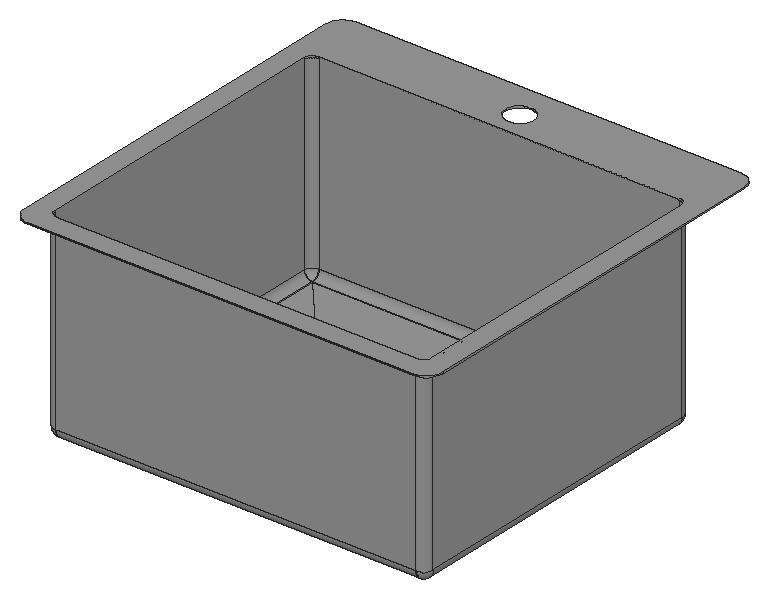
Revit family "BUILDMAT-SNGMTL003-Leo-510-Tap-Landing-Gunmetal", category Plumbing Fixtures, host Face, Revit 2026
Family settings
  Host = Face
  Round Connector Dimension = Use Diameter
  Part Type = Normal
  Enable Cutting in Views = No
  Cut with Voids When Loaded = No
  Maintain Annotation Orientation = No
  Shared = No
  Room Calculation Point = No
Parameters (values of type "Leo 510x500x250mm Brushed Gunmetal")
  Width = 460.0 mm
  Undermount [instance] = 0.0 mm
  URL = "https://www.buildmat.com.au/products/leo-510-single-bowl-tap-landing-sink"
  Model = "TLAN003"  # constant formula
  Manufacturer URL = "https://www.buildmat.com.au/"
  Manufacturer = "BUILDMAT"  # constant formula
  Length = 400.0 mm
  Description = "BUILDMAT - Leo 510x500 Single Bowl with Tap Landing Sink"  # constant formula
  Depth = 250.0 mm
  Default Elevation = 1219.2 mm
  Created By URL = "https://www.buildmat.com.au/"
  Created By = "BUILDMAT"  # constant formula
  Created = "22.06.2022"  # constant formula
  Material = BUILDMAT Gunmetal
Reference planes
  plane 1 "Center (Front/Back)": y = 0
  plane 2: z = 0
  plane 3 "Center (Left/Right)": x = 0
  plane 4 "Top Substrate": z = 0
  plane 5 "Left": x = -230
  plane 6 "Right": x = 230
  plane 7 "Back": y = 200
  plane 8 "Front": y = -200
  plane 9: x = -255
  plane 10: x = 255
  plane 11: y = -225
  plane 12: y = 275
  plane 13 "Bottom Void": z = -250
  plane 14: z = 1.5
  plane 15: x = -231.5
  plane 16: y = -201.5
  plane 17: x = 231.5
  plane 18: y = 201.5
  plane 19: z = -240
  plane 20: z = -230
  plane 21: x = -220
  plane 22: x = 220
  plane 23: y = -190
  plane 24: y = 190
  plane 25: z = -245
  plane 26: z = -241.5
  plane 27: z = -246.5
  plane 28: x = -100
  plane 29: x = 100
  plane 30 "Sound Pad": z = -130
  plane 31 "Front Bracket": y = -100
  plane 32 "Back Bracket": y = 100
  plane 33: x = -130
  plane 34: x = 130
  plane 35: x = -57
  plane 36: x = 57
  plane 37: x = -45
  plane 38: x = 45
  plane 39: y = 232
  plane 40: y = 251.5
  plane 41: x = -243.2
  plane 42: z = -15
  plane 43: x = 243.2
  plane 44: x = -241.7
  plane 45: x = 241.7
Forms (mm)
  Extrusion 1, void
    sketch origin (0, 0, 0) x (1, 0, 0) y (0, 1, 0)
      loop
        arc (-220, 200) -> (-227.071, 197.071) -> (-230, 190) r 10
        line (-230, 190) -> (-230, -190)
        arc (-230, -190) -> (-227.071, -197.071) -> (-220, -200) r 10
        line (-220, -200) -> (220, -200)
        arc (220, -200) -> (227.071, -197.071) -> (230, -190) r 10
        line (230, -190) -> (230, 190)
        arc (230, 190) -> (227.071, 197.071) -> (220, 200) r 10
        line (220, 200) -> (-220, 200)
    from 0 to 1.5
  Extrusion 2, void
    sketch origin (0, 0, 0) x (1, 0, 0) y (0, 1, 0)
      loop
        line (-231.5, 201.5) -> (-231.5, -201.5) -> (231.5, -201.5) -> (231.5, 201.5) -> (-231.5, 201.5)
    from 0 to -250
  Extrusion 3, void
    sketch origin (0, 0, 0) x (1, 0, 0) y (0, 1, 0)
      loop
        arc (-235, 275) -> (-249.142, 269.142) -> (-255, 255) r 20
        line (-255, 255) -> (-255, -205)
        arc (-255, -205) -> (-249.142, -219.142) -> (-235, -225) r 20
        line (-235, -225) -> (235, -225)
        arc (235, -225) -> (249.142, -219.142) -> (255, -205) r 20
        line (255, -205) -> (255, 255)
        arc (255, 255) -> (249.142, 269.142) -> (235, 275) r 20
        line (235, 275) -> (-235, 275)
    from 1.5 to 0
  Extrusion 4, solid, material "BUILDMAT Gunmetal" <- "Material"
    sketch origin (0, 0, 0) x (-1, 0, 0) y (0, -1, 0)
      loop
        arc (235, -275) -> (249.142, -269.142) -> (255, -255) r 20
        line (255, -255) -> (255, 205)
        arc (255, 205) -> (249.142, 219.142) -> (235, 225) r 20
        line (235, 225) -> (-235, 225)
        arc (-235, 225) -> (-249.142, 219.142) -> (-255, 205) r 20
        line (-255, 205) -> (-255, -255)
        arc (-255, -255) -> (-249.142, -269.142) -> (-235, -275) r 20
        line (-235, -275) -> (235, -275)
      loop
        arc (220, -200) -> (227.071, -197.071) -> (230, -190) r 10
        line (230, -190) -> (230, 190)
        arc (230, 190) -> (227.071, 197.071) -> (220, 200) r 10
        line (220, 200) -> (-220, 200)
        arc (-220, 200) -> (-227.071, 197.071) -> (-230, 190) r 10
        line (-230, 190) -> (-230, -190)
        arc (-230, -190) -> (-227.071, -197.071) -> (-220, -200) r 10
        line (-220, -200) -> (220, -200)
    from 0 to 1.5
  Extrusion 5, solid, material "BUILDMAT Gunmetal" <- "Material"
    sketch origin (0, 0, 0) x (-1, 0, 0) y (0, -1, 0)
      loop
        arc (220, -201.5) -> (228.132, -198.132) -> (231.5, -190) r 11.5
        line (231.5, -190) -> (231.5, 190)
        arc (231.5, 190) -> (228.132, 198.132) -> (220, 201.5) r 11.5
        line (220, 201.5) -> (-220, 201.5)
        arc (-220, 201.5) -> (-228.132, 198.132) -> (-231.5, 190) r 11.5
        line (-231.5, 190) -> (-231.5, -190)
        arc (-231.5, -190) -> (-228.132, -198.132) -> (-220, -201.5) r 11.5
        line (-220, -201.5) -> (220, -201.5)
      loop
        arc (-220, 200) -> (-227.071, 197.071) -> (-230, 190) r 10
        line (-230, 190) -> (-230, -190)
        arc (-230, -190) -> (-227.071, -197.071) -> (-220, -200) r 10
        line (-220, -200) -> (220, -200)
        arc (220, -200) -> (227.071, -197.071) -> (230, -190) r 10
        line (230, -190) -> (230, 190)
        arc (230, 190) -> (227.071, 197.071) -> (220, 200) r 10
        line (220, 200) -> (-220, 200)
    from 0 to -230
  Revolve 6, solid, material "BUILDMAT Gunmetal" <- "Material"
    sketch origin (-175.162, 190, 1219.2) x (-1, 0, 0) y (0, 0, 1)
      loop
        line (-405.162, -1449.2) -> (-406.662, -1449.2)
        arc (-406.662, -1449.2) -> (-403.293, -1457.332) -> (-395.162, -1460.7) r 11.5
        line (-395.162, -1460.7) -> (-395.162, -1459.2)
        arc (-395.162, -1459.2) -> (-402.233, -1456.271) -> (-405.162, -1449.2) r 10
      axis (-395.162, -1460.7) -> (-395.162, -1449.2)
    angle from 0 to -90
  Revolve 7, solid, material "BUILDMAT Gunmetal" <- "Material"
    sketch origin (-175.162, 190, 1219.2) x (-1, 0, 0) y (0, 0, 1)
      loop
        arc (54.838, -1449.2) -> (51.909, -1456.271) -> (44.838, -1459.2) r 10
        line (44.838, -1459.2) -> (44.838, -1460.7)
        arc (44.838, -1460.7) -> (52.97, -1457.332) -> (56.338, -1449.2) r 11.5
        line (56.338, -1449.2) -> (54.838, -1449.2)
      axis (44.838, -1449.2) -> (44.838, -1460.7)
    angle from 0 to -90
  Revolve 8, solid, material "BUILDMAT Gunmetal" <- "Material"
    sketch origin (-175.162, -190, 1219.2) x (-1, 0, 0) y (0, 0, 1)
      loop
        arc (54.838, -1449.2) -> (51.909, -1456.271) -> (44.838, -1459.2) r 10
        line (44.838, -1459.2) -> (44.838, -1460.7)
        arc (44.838, -1460.7) -> (52.97, -1457.332) -> (56.338, -1449.2) r 11.5
        line (56.338, -1449.2) -> (54.838, -1449.2)
      axis (44.838, -1449.2) -> (44.838, -1460.7)
    angle from 0 to 90
  Revolve 9, solid, material "BUILDMAT Gunmetal" <- "Material"
    sketch origin (-175.162, -190, 1219.2) x (-1, 0, 0) y (0, 0, 1)
      loop
        line (-405.162, -1449.2) -> (-406.662, -1449.2)
        arc (-406.662, -1449.2) -> (-403.293, -1457.332) -> (-395.162, -1460.7) r 11.5
        line (-395.162, -1460.7) -> (-395.162, -1459.2)
        arc (-395.162, -1459.2) -> (-402.233, -1456.271) -> (-405.162, -1449.2) r 10
      axis (-395.162, -1449.2) -> (-395.162, -1460.7)
    angle from 0 to 90
  Extrusion 10, solid, material "BUILDMAT Gunmetal" <- "Material"
    sketch origin (0, 0, 0) x (1, 0, 0) y (0, 0, 1)
      loop
        line (-230, -230) -> (-231.5, -230)
        arc (-231.5, -230) -> (-228.132, -238.132) -> (-220, -241.5) r 11.5
        line (-220, -241.5) -> (-220, -240)
        arc (-220, -240) -> (-227.071, -237.071) -> (-230, -230) r 10
    from -190 to 190
  Extrusion 11, solid, material "BUILDMAT Gunmetal" <- "Material"
    sketch origin (0, 0, 0) x (1, 0, 0) y (0, 0, 1)
      loop
        arc (230, -230) -> (227.071, -237.071) -> (220, -240) r 10
        line (220, -240) -> (220, -241.5)
        arc (220, -241.5) -> (228.132, -238.132) -> (231.5, -230) r 11.5
        line (231.5, -230) -> (230, -230)
    from -190 to 190
  Extrusion 12, solid, material "BUILDMAT Gunmetal" <- "Material"
    sketch origin (0, 0, 0) x (0, 1, 0) y (0, 0, 1)
      loop
        arc (200, -230) -> (197.071, -237.071) -> (190, -240) r 10
        line (190, -240) -> (190, -241.5)
        arc (190, -241.5) -> (198.132, -238.132) -> (201.5, -230) r 11.5
        line (201.5, -230) -> (200, -230)
    from -220 to 220
  Extrusion 13, solid, material "BUILDMAT Gunmetal" <- "Material"
    sketch origin (0, 0, 0) x (0, 1, 0) y (0, 0, 1)
      loop
        line (-200, -230) -> (-201.5, -230)
        arc (-201.5, -230) -> (-198.132, -238.132) -> (-190, -241.5) r 11.5
        line (-190, -241.5) -> (-190, -240)
        arc (-190, -240) -> (-197.071, -237.071) -> (-200, -230) r 10
    from -220 to 220
  Revolve 14, solid, material "BUILDMAT Gunmetal" <- "Material"
    sketch origin (0, 0, 0) x (1, 0, 0) y (0, 0, 1)
      loop
        line (-45, -250) -> (-45, -248.5)
        spline (-45, -248.5) -> (-46.484, -248.459) -> (-47.939, -248.339) -> (-49.337, -248.141) -> (-50.649, -247.871) -> (-51.848, -247.537) -> (-52.908, -247.151) -> (-53.805, -246.726) -> (-54.514, -246.283) -> (-55.023, -245.856) -> (-55.329, -245.483) -> (-55.468, -245.202) -> (-55.5, -245)
        line (-55.5, -245) -> (-57, -245)
        spline (-57, -245) -> (-56.897, -245.653) -> (-56.591, -246.294) -> (-56.087, -246.913) -> (-55.392, -247.5) -> (-54.52, -248.044) -> (-53.485, -248.536) -> (-52.305, -248.967) -> (-51, -249.33) -> (-49.592, -249.619) -> (-48.106, -249.83) -> (-46.566, -249.957) -> (-45, -250)
      axis (0, -245) -> (0, -250)
    angle from 0 to 360
  Blend 15, solid, material "BUILDMAT Gunmetal" <- "Material"
    base sketch origin (0, 0, 0) x (-1, 0, 0) y (0, -1, 0)
      loop
        circle (0, 0) r 57
    top sketch origin (0, 0, 0) x (-1, 0, 0) y (0, -1, 0)
      loop
        line (220, -190) -> (220, 190) -> (-220, 190) -> (-220, -190) -> (220, -190)
    from -246.5 to -241.5
  Blend 16, void
    base sketch origin (0, 0, 0) x (-1, 0, 0) y (0, -1, 0)
      loop
        circle (0, 0) r 57
    top sketch origin (0, 0, 0) x (-1, 0, 0) y (0, -1, 0)
      loop
        line (220, -190) -> (220, 190) -> (-220, 190) -> (-220, -190) -> (220, -190)
    from -245 to -240
  Extrusion 17, solid, material "BUILDMAT Gunmetal" <- "Material"
    sketch origin (0, 0, 0) x (-1, 0, 0) y (0, -1, 0)
      loop
        line (220, -190) -> (220, 190) -> (-220, 190) -> (-220, -190) -> (220, -190)
    from -241.5 to -240
  Extrusion 18, void
    sketch origin (0, 0, 0) x (-1, 0, 0) y (0, -1, 0)
      loop
        circle (0, 0) r 57
    from -250 to -230
  Extrusion 19, void
    sketch origin (0, 0, 0) x (-1, 0, 0) y (0, -1, 0)
      loop
        circle (0, -232) r 17.5
    from 0 to 100
Cuts and joins
  Extrusion 19 cuts Extrusion 4
  Extrusion 19 cuts Extrusion 5
  joined: Extrusion 4, Extrusion 5
  joined: Revolve 6, Revolve 9
  joined: Revolve 7, Revolve 8
  Blend 16, Extrusion 18 cuts Blend 15
  Blend 16, Extrusion 18 cuts Extrusion 17
  joined: Blend 15, Extrusion 17
Lines and regions (mm)
  Masking region 1
    outline origin (0, 0, 0) x (1, 0, 0) y (0, 0, 1)
      loop
        line (230, 0) -> (-230, 0) -> (-230, -230)
        arc (-230, -230) -> (-227.071, -237.071) -> (-220, -240) r 10
        line (-220, -240) -> (-57, -245) -> (57, -245) -> (220, -240)
        arc (220, -240) -> (227.071, -237.071) -> (230, -230) r 10
        line (230, -230) -> (230, 0)
  Masking region 2
    outline origin (0, 0, 0) x (1, 0, 0) y (0, 0, 1)
      loop
        line (-100, -245.181) -> (-100, -250) -> (-57, -250) -> (-57, -246.5) -> (-100, -245.181)
  Masking region 3
    outline origin (0, 0, 0) x (1, 0, 0) y (0, 0, 1)
      loop
        line (57, -246.5) -> (57, -250) -> (100, -250) -> (100, -245.181) -> (57, -246.5)
  Masking region 4
    outline origin (0, 0, 0) x (1, 0, 0) y (0, 0, 1)
      loop
        line (-243.2, 0) -> (-243.2, -15) -> (-241.7, -15) -> (-241.7, 0) -> (-243.2, 0)
  Masking region 5
    outline origin (0, 0, 0) x (1, 0, 0) y (0, 0, 1)
      loop
        line (241.7, 0) -> (241.7, -15) -> (243.2, -15) -> (243.2, 0) -> (241.7, 0)
Text (mm)
  text "Refer to www.buildmat.com.au for the most current product literature. \nAllow a +/- 5mm tolerance for dimensions shown in the product literature. \nPlease note product details are subject to change due to ongoing product development." at (0.056, -1035.857, 0), in view "Ref. Level"
Dimensions and locks
  "Undermount": plane 2 to plane 4 "Top Substrate"
  equal spacing: plane 5 "Left", plane 3 "Center (Left/Right)", plane 6 "Right"
  "Width": plane 5 "Left" to plane 6 "Right"
  "Length": plane 7 "Back" to plane 8 "Front"
  equal spacing: plane 7 "Back", plane 1 "Center (Front/Back)", plane 8 "Front"
  locked: plane 12 to plane 7 "Back" at 75
  locked: plane 8 "Front" to plane 11 at 25
  locked: plane 9 to plane 5 "Left" at 25
  locked: plane 6 "Right" to plane 10 at 25
  "Depth": plane 4 "Top Substrate" to plane 13 "Bottom Void"
  locked: plane 14 to plane 4 "Top Substrate" at 1.5
  locked: plane 18 to plane 7 "Back" at 1.5
  locked: plane 8 "Front" to plane 16 at 1.5
  plane 15 to plane 5 "Left" = 1.5 mm
  plane 6 "Right" to plane 17 = 1.5 mm
  plane 20 to plane 19 to plane 13 "Bottom Void" = 10.0 mm, 10.0 mm
  locked: plane 5 "Left" to plane 21 at 10
  locked: plane 22 to plane 6 "Right" at 10
  locked: plane 7 "Back" to plane 24 at 10
  locked: plane 23 to plane 8 "Front" at 10
  locked: plane 19 to plane 26 at 1.5
  locked: plane 25 to plane 13 "Bottom Void" at 5
  locked: plane 25 to plane 27 at 1.5
  plane 29 to plane 3 "Center (Left/Right)" to plane 28 = 100.0 mm locked, 100.0 mm locked
  locked: plane 30 "Sound Pad" to plane 13 "Bottom Void" at 120
  locked: plane 7 "Back" to plane 32 "Back Bracket" at 100
  locked: plane 31 "Front Bracket" to plane 8 "Front" at 100
  locked: plane 33 to plane 5 "Left" at 100
  locked: plane 6 "Right" to plane 34 at 100
  plane 37 to plane 3 "Center (Left/Right)" to plane 38 = 45.0 mm locked, 45.0 mm locked
  plane 35 to plane 3 "Center (Left/Right)" to plane 36 = 57.0 mm locked, 57.0 mm locked
  locked: plane 12 to plane 39 at 43
  locked: plane 40 to plane 18 at 50
  plane 44 to plane 41 to plane 9 = 1.5 mm locked, 11.8 mm locked
  plane 10 to plane 43 to plane 45 = 11.8 mm locked, 1.5 mm locked
  locked: plane 4 "Top Substrate" to plane 42 at 15
  aligned and locked: plane 2 to host face
  aligned and locked: level to host face
  aligned and locked: plane 8 "Front" to Extrusion 1 sketch curve
  aligned and locked: Extrusion 1 sketch curve to plane 7 "Back"
  aligned and locked: plane 5 "Left" to Extrusion 1 sketch curve
  aligned and locked: Extrusion 1 sketch curve to plane 6 "Right"
  aligned and locked: plane 2 to Extrusion 1
  aligned and locked: plane 14 to Extrusion 1
  aligned and locked: Extrusion 2 sketch curve to plane 16
  aligned and locked: Extrusion 2 sketch curve to plane 18
  aligned and locked: plane 15 to Extrusion 2 sketch curve
  aligned and locked: plane 17 to Extrusion 2 sketch curve
  aligned and locked: Extrusion 2 to plane 13 "Bottom Void"
  aligned and locked: plane 4 "Top Substrate" to Extrusion 2
  aligned and locked: plane 11 to Extrusion 3 sketch curve
  aligned and locked: plane 9 to Extrusion 3 sketch curve
  aligned and locked: Extrusion 3 sketch curve to plane 10
  aligned and locked: Extrusion 3 sketch curve to plane 12
  aligned and locked: Extrusion 3 to plane 4 "Top Substrate"
  aligned and locked: Extrusion 3 to plane 14
  aligned and locked: plane 11 to Extrusion 4 sketch curve
  aligned and locked: Extrusion 4 sketch curve to plane 12
  aligned and locked: plane 9 to Extrusion 4 sketch curve
  aligned and locked: Extrusion 4 sketch curve to plane 10
  aligned and locked: plane 5 "Left" to Extrusion 4 sketch curve
  aligned and locked: Extrusion 4 sketch curve to plane 6 "Right"
  aligned and locked: Extrusion 4 sketch curve to plane 7 "Back"
  aligned and locked: plane 8 "Front" to Extrusion 4 sketch curve
  aligned and locked: Extrusion 5 sketch curve to plane 7 "Back"
  aligned and locked: plane 5 "Left" to Extrusion 5 sketch curve
  aligned and locked: Extrusion 5 sketch curve to plane 6 "Right"
  aligned and locked: plane 8 "Front" to Extrusion 5 sketch curve
  aligned and locked: plane 15 to Extrusion 5 sketch curve
  aligned and locked: Extrusion 5 sketch curve to plane 16
  aligned and locked: plane 17 to Extrusion 5 sketch curve
  aligned and locked: Extrusion 5 sketch curve to plane 18
  aligned and locked: Extrusion 5 to plane 20
  aligned and locked: plane 4 "Top Substrate" to Extrusion 5
  aligned and locked: Extrusion 11 to plane 23
  aligned and locked: plane 24 to Extrusion 11
  aligned and locked: plane 24 to Extrusion 10
  aligned and locked: Extrusion 10 to plane 23
  aligned and locked: Extrusion 13 to plane 21
  aligned and locked: plane 22 to Extrusion 13
  aligned and locked: plane 22 to Extrusion 12
  aligned and locked: Extrusion 12 to plane 21
  aligned and locked: plane 21 to Blend 15 sketch curve
  aligned and locked: Blend 15 sketch curve to plane 22
  aligned and locked: Blend 15 sketch curve to plane 23
  aligned and locked: Blend 15 sketch curve to plane 24
  aligned and locked: plane 27 to Blend 15
  aligned and locked: Blend 15 to plane 26
  aligned and locked: Blend 16 sketch curve to plane 24
  aligned and locked: plane 21 to Blend 16 sketch curve
  aligned and locked: Blend 16 sketch curve to plane 22
  aligned and locked: Blend 16 sketch curve to plane 23
  aligned and locked: Blend 16 to plane 25
  aligned and locked: Blend 16 to plane 19
  aligned and locked: Extrusion 17 sketch curve to plane 24
  aligned and locked: Extrusion 17 sketch curve to plane 23
  aligned and locked: plane 21 to Extrusion 17 sketch curve
  aligned and locked: Extrusion 17 sketch curve to plane 22
  aligned and locked: Extrusion 17 to plane 26
  aligned and locked: Extrusion 17 to plane 19
  aligned and locked: Extrusion 18 to plane 13 "Bottom Void"
  aligned and locked: plane 20 to Extrusion 18
  aligned and locked: cut or joined group of Blend 15, Blend 16, Extrusion 17, Extrusion 18 to Masking region 2 sketch curve
  aligned and locked: Masking region 3 sketch curve to cut or joined group of Blend 15, Blend 16, Extrusion 17, Extrusion 18
  aligned and locked: plane 3 "Center (Left/Right)" to nested 1
  aligned and locked: nested 1 to plane 30 "Sound Pad"
  aligned and locked: plane 31 "Front Bracket" to nested 3
  aligned and locked: plane 15 to nested 3
  aligned and locked: plane 31 "Front Bracket" to nested 5
  aligned and locked: plane 17 to nested 5
  aligned and locked: plane 32 "Back Bracket" to nested 4
  aligned and locked: plane 17 to nested 4
  aligned and locked: plane 32 "Back Bracket" to nested 2
  aligned and locked: plane 15 to nested 2
  aligned and locked: nested 6 to plane 4 "Top Substrate"
  aligned and locked: nested 6 to plane 33
  aligned and locked: nested 7 to plane 4 "Top Substrate"
  aligned and locked: nested 7 to plane 34
  aligned and locked: nested 10 to plane 33
  aligned and locked: nested 11 to plane 34
  aligned and locked: plane 16 to nested 10
  aligned and locked: nested 11 to plane 16
  aligned and locked: plane 33 to nested 8
  aligned and locked: plane 34 to nested 9
  aligned and locked: nested 12 to plane 23
  aligned and locked: nested 12 to plane 24
  aligned and locked: plane 22 to nested 12
  aligned and locked: plane 21 to nested 12
  aligned and locked: plane 3 "Center (Left/Right)" to nested 13
  aligned and locked: plane 1 "Center (Front/Back)" to nested 13
  aligned and locked: plane 4 "Top Substrate" to Masking region 1
  aligned and locked: nested 9 to plane 40
  aligned and locked: nested 8 to plane 40
  aligned and locked: Extrusion 19 to plane 4 "Top Substrate"
  aligned and locked: Masking region 4 sketch curve to plane 4 "Top Substrate"
  aligned and locked: Masking region 4 sketch curve to plane 42
  aligned and locked: Masking region 4 sketch curve to plane 41
  aligned and locked: Masking region 4 sketch curve to plane 44
  aligned and locked: Masking region 5 sketch curve to plane 4 "Top Substrate"
  aligned and locked: Masking region 5 sketch curve to plane 42
  aligned and locked: Masking region 5 sketch curve to plane 43
  aligned and locked: Masking region 5 sketch curve to plane 45
Automatic sketch dimensions
  host sketch curve to host sketch curve = 2438.4 mm  (x2)
  plane 5 "Left" to Extrusion 1 sketch curve = 10.0 mm  (x2)
  Extrusion 1 sketch curve to plane 6 "Right" = 10.0 mm  (x2)
  Extrusion 4 sketch curve to plane 10 = 20.0 mm  (x2)
  Extrusion 4 sketch curve to Extrusion 4 sketch curve = 10.0 mm  (x2)
  plane 5 "Left" to Extrusion 4 sketch curve = 10.0 mm
  plane 9 to Extrusion 4 sketch curve = 20.0 mm
  plane 8 "Front" to Extrusion 4 sketch curve = 10.0 mm
  plane 11 to Extrusion 4 sketch curve = 20.0 mm
  Extrusion 3 sketch curve to plane 5 "Left" = 5.0 mm
  plane 6 "Right" to Extrusion 3 sketch curve = 5.0 mm  (x2)
  plane 7 "Back" to Extrusion 3 sketch curve = 55.0 mm
  plane 5 "Left" to Extrusion 5 sketch curve = 10.0 mm
  Extrusion 5 sketch curve to plane 6 "Right" = 10.0 mm
  plane 8 "Front" to Extrusion 5 sketch curve = 10.0 mm
  Extrusion 5 sketch curve to plane 7 "Back" = 10.0 mm
  Extrusion 5 sketch curve to Extrusion 5 sketch curve = 0.0 mm  (x4)
  Revolve 6 sketch curve to Revolve 6 sketch curve = 0.0 mm  (x3)
  plane 17 to Revolve 6 sketch curve = 0.0 mm
  Revolve 6 sketch curve to plane 6 "Right" = 0.0 mm
  Revolve 6 sketch curve to plane 22 = 0.0 mm  (x2)
  Revolve 6 sketch curve to plane 19 = 0.0 mm
  Revolve 6 sketch curve to plane 20 = 0.0 mm
  Revolve 7 sketch curve to Revolve 7 sketch curve = 0.0 mm  (x3)
  Revolve 7 sketch curve to plane 20 = 0.0 mm  (x2)
  Revolve 7 sketch curve to plane 21 = 0.0 mm  (x2)
  Revolve 7 sketch curve to plane 5 "Left" = 0.0 mm
  Revolve 7 sketch curve to plane 15 = 0.0 mm
  Revolve 8 sketch curve to Revolve 8 sketch curve = 0.0 mm  (x3)
  Revolve 8 sketch curve to plane 20 = 0.0 mm  (x2)
  Revolve 8 sketch curve to plane 21 = 0.0 mm  (x2)
  Revolve 8 sketch curve to plane 5 "Left" = 0.0 mm
  Revolve 8 sketch curve to plane 15 = 0.0 mm
  Revolve 9 sketch curve to Revolve 9 sketch curve = 0.0 mm  (x3)
  plane 17 to Revolve 9 sketch curve = 0.0 mm
  Revolve 9 sketch curve to plane 6 "Right" = 0.0 mm
  Revolve 9 sketch curve to plane 22 = 0.0 mm  (x2)
  Revolve 9 sketch curve to plane 20 = 0.0 mm
  Revolve 9 sketch curve to plane 19 = 0.0 mm
  Extrusion 10 sketch curve to plane 15 = 0.0 mm
  Extrusion 10 sketch curve to plane 5 "Left" = 0.0 mm
  Extrusion 10 sketch curve to plane 19 = 0.0 mm
  Extrusion 10 sketch curve to plane 21 = 0.0 mm
  Extrusion 11 sketch curve to plane 20 = 0.0 mm
  Extrusion 11 sketch curve to plane 22 = 0.0 mm
  Extrusion 11 sketch curve to plane 6 "Right" = 0.0 mm
  plane 17 to Extrusion 11 sketch curve = 0.0 mm
  Extrusion 12 sketch curve to plane 20 = 0.0 mm
  Extrusion 12 sketch curve to plane 24 = 0.0 mm
  Extrusion 12 sketch curve to plane 7 "Back" = 0.0 mm
  Extrusion 12 sketch curve to plane 18 = 0.0 mm
  Extrusion 13 sketch curve to plane 16 = 0.0 mm
  Extrusion 13 sketch curve to plane 8 "Front" = 0.0 mm
  Extrusion 13 sketch curve to plane 23 = 0.0 mm
  Extrusion 13 sketch curve to plane 19 = 0.0 mm
  Revolve 14 sketch curve to plane 25 = 0.0 mm
  Revolve 14 sketch curve to plane 13 "Bottom Void" = 0.0 mm  (x2)
  Revolve 14 sketch curve to plane 3 "Center (Left/Right)" = 0.0 mm
  Revolve 14 sketch curve to plane 20 = 0.0 mm
  Revolve 14 sketch curve to plane 3 "Center (Left/Right)" = 45.0 mm
  Revolve 14 sketch curve to Revolve 14 sketch curve = 10.5 mm
  Revolve 14 sketch curve to Revolve 14 sketch curve = 1.5 mm  (x2)
  Revolve 14 sketch curve to Revolve 14 sketch curve = 0.0 mm
  plane 1 "Center (Front/Back)" to Blend 15 sketch curve = 0.0 mm
  Blend 15 sketch curve to plane 3 "Center (Left/Right)" = 0.0 mm
  plane 1 "Center (Front/Back)" to Blend 16 sketch curve = 0.0 mm
  Blend 16 sketch curve to plane 3 "Center (Left/Right)" = 0.0 mm
  plane 1 "Center (Front/Back)" to Extrusion 18 sketch curve = 0.0 mm
  Extrusion 18 sketch curve to plane 3 "Center (Left/Right)" = 0.0 mm
  Masking region 1 sketch curve to level = 0.0 mm
  Masking region 1 sketch curve to plane 20 = 0.0 mm
  Masking region 1 sketch curve to plane 21 = 0.0 mm
  Masking region 1 sketch curve to plane 25 = 0.0 mm
  Masking region 1 sketch curve to plane 3 "Center (Left/Right)" = 57.0 mm
  plane 3 "Center (Left/Right)" to Masking region 1 sketch curve = 57.0 mm
  Masking region 1 sketch curve to plane 19 = 0.0 mm
  Masking region 1 sketch curve to plane 22 = 0.0 mm
  Masking region 1 sketch curve to plane 6 "Right" = 0.0 mm
  Masking region 1 sketch curve to plane 5 "Left" = 0.0 mm
  Masking region 2 sketch curve to plane 28 = 0.0 mm
  Masking region 2 sketch curve to plane 13 "Bottom Void" = 0.0 mm
  Masking region 2 sketch curve to plane 27 = 0.0 mm
  Masking region 3 sketch curve to plane 27 = 0.0 mm
  Masking region 3 sketch curve to plane 13 "Bottom Void" = 0.0 mm
  Masking region 3 sketch curve to plane 29 = 0.0 mm
  Extrusion 19 sketch curve to plane 3 "Center (Left/Right)" = 0.0 mm
  Extrusion 19 sketch curve to plane 39 = 0.0 mm
  radius of Blend 15 sketch curve = 57.0 mm
  radius of Blend 16 sketch curve = 57.0 mm
  radius of Extrusion 18 sketch curve = 57.0 mm
  radius of Extrusion 19 sketch curve = 17.5 mm
Nested families
  nested 1: "SP_Front" at (0, 0, -130) x (1, 0, 0) z (0, -1, 0), type "SP_Front", not visible
  nested 2: "TMB_Plan" at (-231.5, 100, 0) x (0, 1, 0) z (0, 0, 1), type "TMB_Plan"
  nested 3: "TMB_Plan" at (-231.5, -100, 0) x (0, 1, 0) z (0, 0, 1), type "TMB_Plan"
  nested 4: "TMB_Plan" at (231.5, 100, 0) x (0, -1, 0) z (0, 0, 1), type "TMB_Plan"
  nested 5: "TMB_Plan" at (231.5, -100, 0) x (0, -1, 0) z (0, 0, 1), type "TMB_Plan"
  nested 6: "TMB_Front" at (-130, 0, 0) x (1, 0, 0) z (0, -1, 0), type "TMB_Front"
  nested 7: "TMB_Front" at (130, 0, 0) x (1, 0, 0) z (0, -1, 0), type "TMB_Front"
  nested 8: "TMB_Plan" at (-130, 251.5, 0), type "TMB_Plan"
  nested 9: "TMB_Plan" at (130, 251.5, 0), type "TMB_Plan"
  nested 10: "TMB_Plan" at (-130, -201.5, 0) x (-1, 0, 0) z (0, 0, 1), type "TMB_Plan"
  nested 11: "TMB_Plan" at (130, -201.5, 0) x (-1, 0, 0) z (0, 0, 1), type "TMB_Plan"
  nested 12: "BOWL Plan" at (0, 0, -130), type "BOWL Plan"
    with Width 440.0 mm, Lenght 380.0 mm
  nested 13: "DRAIN" at (0, 0, 0), type "DRAIN"
Definition of nested family "SP_Front"
  Reference planes
    plane 1 "Center (Elevation)": y = 0
    plane 2: z = 0
    plane 3 "Center (Left/Right)": x = 0
  Lines and regions (mm)
    Masking region 1, in view "Ref. Level"
      outline origin (0, 0, 0) x (1, 0, 0) y (0, 1, 0)
        loop
          arc (-50, 40) -> (-57.071, 37.071) -> (-60, 30) r 10
          line (-60, 30) -> (-60, -30)
          arc (-60, -30) -> (-57.071, -37.071) -> (-50, -40) r 10
          line (-50, -40) -> (50, -40)
          arc (50, -40) -> (57.071, -37.071) -> (60, -30) r 10
          line (60, -30) -> (60, 30)
          arc (60, 30) -> (57.071, 37.071) -> (50, 40) r 10
          line (50, 40) -> (-50, 40)
    detail lines, in view "Ref. Level"
      curve 1: line (-50, 40, 0) -> (50, 40, 0)
      curve 2: line (50, -40, 0) -> (-50, -40, 0)
      curve 3: line (60, 30, 0) -> (60, -30, 0)
      curve 4: line (-60, 30, 0) -> (-60, -30, 0)
      curve 5: arc (-50, 40, 0) -> (-57.071, 37.071, 0) -> (-60, 30, 0) r 10
      curve 6: arc (-60, -30, 0) -> (-57.071, -37.071, 0) -> (-50, -40, 0) r 10
      curve 7: arc (50, -40, 0) -> (57.071, -37.071, 0) -> (60, -30, 0) r 10
      curve 8: arc (60, 30, 0) -> (57.071, 37.071, 0) -> (50, 40, 0) r 10
  Dimensions and locks
    aligned and locked: Masking region 1 sketch curve to curve 1
    aligned and locked: Masking region 1 sketch curve to curve 4
    aligned and locked: Masking region 1 sketch curve to curve 2
    aligned and locked: Masking region 1 sketch curve to curve 3
Definition of nested family "TMB_Plan"
  Reference planes
    plane 1 "Center (Front/Back)": y = 0
    plane 2: z = 0
    plane 3 "Center (Left/Right)": x = 0
  Lines and regions (mm)
    detail lines, in view "Ref. Level"
      curve 1: line (-17.5, 0, 0) -> (17.5, 0, 0)
      curve 2: line (17.5, 0, 0) -> (17.5, 5, 0)
      curve 3: line (17.5, 5, 0) -> (12.5, 5, 0)
      curve 4: line (-17.5, 0, 0) -> (-17.5, 5, 0)
      curve 5: line (-17.5, 5, 0) -> (-12.5, 5, 0)
Definition of nested family "TMB_Front"
  Reference planes
    plane 1 "Center (Elevation)": y = 0
    plane 2: z = 0
    plane 3 "Center (Left/Right)": x = 0
  Lines and regions (mm)
    Masking region 1, in view "Ref. Level"
      outline origin (0, 0, 0) x (1, 0, 0) y (0, 1, 0)
        loop
          line (-17.5, 0) -> (-17.5, -80) -> (17.5, -80) -> (17.5, 0) -> (-17.5, 0)
    detail lines, in view "Ref. Level"
      curve 1: line (-17.5, 0, 0) -> (-17.5, -80, 0)
      curve 2: line (-17.5, -80, 0) -> (17.5, -80, 0)
      curve 3: line (17.5, -80, 0) -> (17.5, 0, 0)
      curve 4: line (-12.5, -50, 0) -> (12.5, -50, 0)
      curve 5: line (-12.5, -75, 0) -> (-12.5, -50, 0)
      curve 6: line (12.5, -75, 0) -> (-12.5, -75, 0)
      curve 7: line (12.5, -50, 0) -> (12.5, -75, 0)
Definition of nested family "BOWL Plan"
  Parameters (values of type "BOWL Plan")
    Width [instance] = 600.0 mm
    Lenght [instance] = 400.0 mm
  Reference planes
    plane 1 "Center (Front/Back)": y = 0
    plane 2: z = 0
    plane 3 "Center (Left/Right)": x = 0
    plane 4 "Left": x = -300
    plane 5 "Right": x = 300
    plane 6 "Back": y = 200
    plane 7 "Front": y = -200
  Lines and regions (mm)
    Masking region 1, in view "Ref. Level"
      outline origin (0, 0, 0) x (1, 0, 0) y (0, 1, 0)
        loop
          line (-300, 200) -> (-300, -200) -> (300, -200) -> (300, 200) -> (-300, 200)
    detail lines, in view "Ref. Level"
      curve 1: line (-300, 200, 0) -> (300, -200, 0)
      curve 2: line (-300, -200, 0) -> (300, 200, 0)
  Dimensions and locks
    equal spacing: plane 6 "Back", plane 1 "Center (Front/Back)", plane 7 "Front"
    "Lenght": plane 6 "Back" to plane 7 "Front"
    equal spacing: plane 4 "Left", plane 3 "Center (Left/Right)", plane 5 "Right"
    "Width": plane 4 "Left" to plane 5 "Right"
    aligned and locked: plane 4 "Left" to Masking region 1 sketch curve
    aligned and locked: Masking region 1 sketch curve to plane 5 "Right"
    aligned and locked: plane 7 "Front" to Masking region 1 sketch curve
    aligned and locked: Masking region 1 sketch curve to plane 6 "Back"
  Automatic sketch dimensions
    curve 2 to plane 4 "Left" = 0.0 mm
    curve 1 to plane 4 "Left" = 0.0 mm
    curve 2 to plane 5 "Right" = 0.0 mm
    curve 1 to plane 5 "Right" = 0.0 mm
    curve 1 to plane 7 "Front" = 0.0 mm
    curve 2 to plane 7 "Front" = 0.0 mm
    curve 2 to plane 6 "Back" = 0.0 mm
    curve 1 to plane 6 "Back" = 0.0 mm
Definition of nested family "DRAIN"
  Reference planes
    plane 1 "Center (Front/Back)": y = 0
    plane 2: z = 0
    plane 3 "Center (Left/Right)": x = 0
  Lines and regions (mm)
    Masking region 1, in view "Ref. Level"
      outline origin (0, 0, 0) x (1, 0, 0) y (0, 1, 0)
        loop
          circle (0, 0) r 57
    detail lines, in view "Ref. Level"
      curve 1: circle (0, 0, 0) r 45 normal (0, 0, 1)
      curve 2: circle (0, 0, 0) r 55.5 normal (0, 0, 1)
